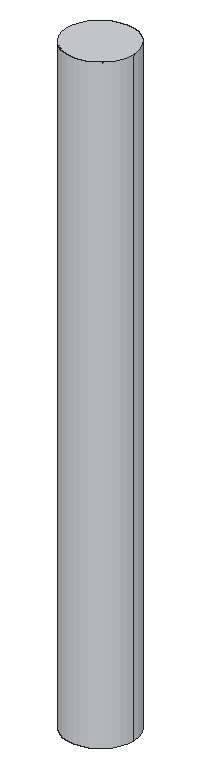
Revit family
Parameters (values of type "100mm")
  built-in parameter 1008623 [instance] = (empty or 0)
  built-in parameter 1008625 [instance] = (empty or 0)
  반지름 = 폭 / 2  # 50 mm
  기둥 재료 = none
  폭 = 100 mm
  Post = yes
  built-in parameter 1008624 [instance] = (empty or 0)
  built-in parameter 1008622 [instance] = 915 mm
Types (5, lengths in mm): name | 반지름 | 폭
  (no name) | 50 | 100
  30mm | 15 | 30
  60mm | 30 | 60
  100mm | 50 | 100
  150mm | 75 | 150
Reference planes
  plane 1 "중심(앞/뒤)": y = 0
  plane 2: z = 0
  plane 3 "중심(왼쪽/오른쪽)": x = 0
  plane 4 "상단": z = 915
Forms (mm)
  Extrusion 1, solid, material <- "기둥 재료"
    sketch origin (0, 0, 0) x (1, 0, 0) y (0, 1, 0)
      loop
        circle (0, 0) r 50
    from 0 to 915
Dimensions and locks
  "built-in parameter 1008622": plane 2 to plane 4 "상단"
  "반지름": radius of Extrusion 1 sketch curve
  aligned and locked: Extrusion 1 to level
  aligned and locked: Extrusion 1 to plane 4 "상단"
Automatic sketch dimensions
  Extrusion 1 sketch curve to plane 1 "중심(앞/뒤)" = 0 mm
  Extrusion 1 sketch curve to plane 3 "중심(왼쪽/오른쪽)" = 0 mm
